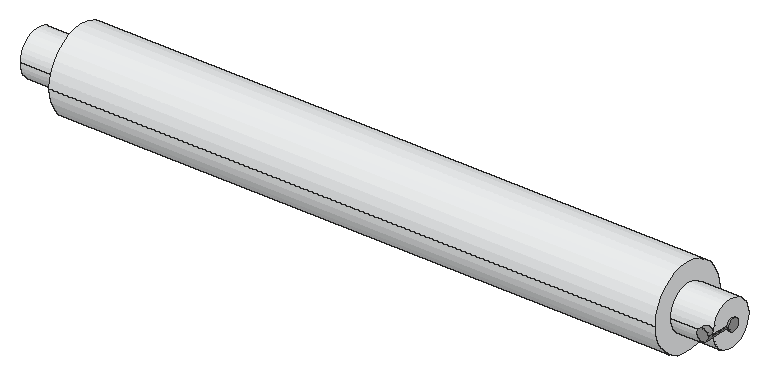
Revit family
Parameters (values of type "K76-139-12")
  Welded Thick = 10 mm
  URL = "http://viewer.zmags.com/publication/f01ae52f"
  Tube Radius = Tube Diameter / 2  # 38.05 mm
  Tube Diameter = 76.1 mm
  Tube = RAL 9016
  Thermal Performance = Thermal Performance Constant * Length / 1000 mm  # 159.6
  Socket Radius = 10 mm
  Socket = RAL 9016
  Side Socket Thick = Tube Radius + Welded Thick  # 48.05 mm
  Offset = 75 mm
  Model = "K76-139-12"
  Max #1 Pole Breakers [instance] = 271
  Manufacturer = "Meinertz"
  Length = 1200 mm
  Keynote = "K76-139-12"
  Height = 150 mm
  GoGetNo = 6963  # constant formula
  Fins = yes
  Fin Radius = Fin Diameter / 2  # 69.5 mm
  Fin Pitch = RAL 9016 F
  Fin Diameter = 139 mm
  Thermal Performance Constant = if(Fin Diameter = 73 mm, 88, if(Fin Diameter = 83 mm, 104, if(Fin Diameter = 92 mm, 88, if(Fin Diameter = 98 mm, 82, if(Fin Diameter = 123 mm, 110, if(Fin Diameter = 139 mm, 133, 180))))))  # 133
Types (9, lengths in mm): name | Tube Radius | Tube Diameter | Thermal Performance | Side Socket Thick | Model | Keynote | Fin Radius | Fin Diameter | Thermal Performance Constant
  (no name) | 38.05 | 76.1 | 159.6 | 48.05 | "K76-139-12" | "K76-139-12" | 69.5 | 139 | 133
  K33-73-08 | 16.85 | 33.7 | 105.6 | 26.85 | "K33-73-08" | "K33-73-08" | 36.5 | 73 | 88
  K33-83-10 | 16.85 | 33.7 | 124.8 | 26.85 | "K33-83-10" | "K33-83-10" | 41.5 | 83 | 104
  K42-92-10 | 21.2 | 42.4 | 105.6 | 31.2 | "K42-92-10" | "K42-92-10" | 46 | 92 | 88
  K48-98-10 | 24.15 | 48.3 | 98.4 | 34.15 | "K48-98-10" | "K48-98-10" | 49 | 98 | 82
  K60-110-10 | 30.15 | 60.3 | 216 | 40.15 | "K60-110-10" | "K60-110-10" | 55 | 110 | 180
  K60-123-12 | 30.15 | 60.3 | 132 | 40.15 | "K60-123-12" | "K60-123-12" | 61.5 | 123 | 110
  K76-139-12 | 38.05 | 76.1 | 159.6 | 48.05 | "K76-139-12" | "K76-139-12" | 69.5 | 139 | 133
  K101-164-12 | 50.8 | 101.6 | 216 | 60.8 | "K101-164-12" | "K101-164-12" | 82 | 164 | 180
Reference planes
  plane 1 "Center (Front/Back)": y = 0
  plane 2: z = 0
  plane 3 "Center (Left/Right)": x = 0
  plane 4: x = -600
  plane 5: x = 600
  plane 6: z = 150
  plane 7: x = -525
  plane 8: x = 525
  plane 9: x = 562.5
  plane 10: y = -48.05
  plane 11: y = 48.05
Forms (mm)
  Extrusion 1, solid, material "RAL 9016" <- "Tube"
    sketch origin (0, 0, 0) x (0, 1, 0) y (0, 0, 1)
      loop
        circle (0, 150) r 38.05
    from -600 to 600
  Extrusion 2, solid, material "RAL 9016 F" <- "Fin Pitch", visible <- "Fins"
    sketch origin (0, 0, 0) x (0, 1, 0) y (0, 0, 1)
      loop
        circle (0, 150) r 69.5
    from -525 to 525
  Extrusion 3, solid, material "Tap"
    sketch origin (600, 0, 0) x (0, 1, 0) y (0, 0, 1)
      loop
        circle (0, 150) r 10
    from 0 to 5
  Extrusion 4, solid, material "Tap"
    sketch origin (0, 0, 0) x (1, 0, 0) y (0, 0, 1)
      loop
        circle (590, 150) r 10
    from 0 to 48.05
  Extrusion 5, solid, material "Tap"
    sketch origin (0, 0, 0) x (1, 0, 0) y (0, 0, 1)
      loop
        circle (562.5, 150) r 10
    from -48.05 to 0
Dimensions and locks
  equal spacing: plane 4, plane 3 "Center (Left/Right)", plane 5
  "Length": plane 4 to plane 5
  "Offset": plane 4 to plane 7
  "Offset": plane 8 to plane 5
  "Height": plane 6 to plane 2
  equal spacing: plane 8, plane 9, plane 5
  "Side Socket Thick": plane 1 "Center (Front/Back)" to plane 10
  "Side Socket Thick": plane 11 to plane 1 "Center (Front/Back)"
  equal spacing: Extrusion 3 sketch curve, plane 1 "Center (Front/Back)", Extrusion 3 sketch curve
  equal spacing: Extrusion 3 sketch curve, plane 6, Extrusion 3 sketch curve
  equal spacing: Extrusion 5 sketch curve, plane 9, Extrusion 5 sketch curve
  equal spacing: Extrusion 5 sketch curve, plane 6, Extrusion 5 sketch curve
  "Tube Radius": radius of Extrusion 1 sketch curve
  "Fin Radius": radius of Extrusion 2 sketch curve
  aligned and locked: Extrusion 1 to plane 4
  aligned and locked: plane 5 to Extrusion 1
  aligned and locked: plane 8 to Extrusion 2
  aligned and locked: Extrusion 2 to plane 7
  aligned and locked: plane 11 to Extrusion 5
  aligned and locked: plane 1 "Center (Front/Back)" to Extrusion 5
  aligned and locked: Extrusion 4 to plane 1 "Center (Front/Back)"
  aligned and locked: plane 10 to Extrusion 4
Automatic sketch dimensions
  Extrusion 1 sketch curve to plane 1 "Center (Front/Back)" = 0 mm
  Extrusion 1 sketch curve to plane 6 = 0 mm
  Extrusion 2 sketch curve to plane 1 "Center (Front/Back)" = 0 mm
  Extrusion 2 sketch curve to plane 6 = 0 mm
  Extrusion 4 sketch curve to plane 6 = 0 mm
  Extrusion 4 sketch curve to plane 5 = 10 mm
  radius of Extrusion 3 sketch curve = 10 mm
  radius of Extrusion 4 sketch curve = 10 mm
  radius of Extrusion 5 sketch curve = 10 mm
Connectors
  piping at (605, 0, 150)
    settings: on Extrusion 3, index 1, connector radius 10 mm, flow factor 0, pipe flow 0.0 L/s, pressure drop 0.0 Pa, fitting loss kfactor 0, connector angle 0.00°, fixture units 0, flow configuration 1, flow direction 1, fitting loss method 0, system type 22, connector reference index -1, connector utility 0, adjustable connector no, is connector primary yes, fitting loss table "", connector description ""
  piping at (562.5, 48.05, 150)
    settings: on Extrusion 5, index 2, connector radius 10 mm, flow factor 0, pipe flow 0.0 L/s, pressure drop 0.0 Pa, fitting loss kfactor 0, connector angle 0.00°, fixture units 0, flow configuration 1, flow direction 2, fitting loss method 0, system type 22, connector reference index -1, connector utility 0, adjustable connector no, is connector primary no, fitting loss table "", connector description ""
  piping at (590, -48.05, 150)
    settings: on Extrusion 4, index 3, connector radius 10 mm, flow factor 0, pipe flow 0.0 L/s, pressure drop 0.0 Pa, fitting loss kfactor 0, connector angle 0.00°, fixture units 0, flow configuration 1, flow direction 2, fitting loss method 0, system type 22, connector reference index -1, connector utility 0, adjustable connector no, is connector primary no, fitting loss table "", connector description ""
